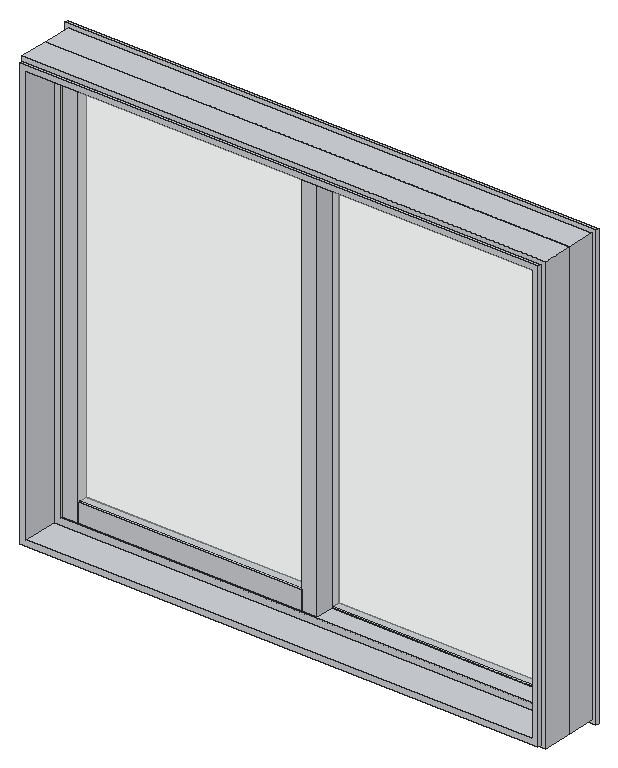
Revit family "APL Residential Thermal Heart Sliding Window SF", category Windows, host Wall, Revit 2017 (continued)
Definition of nested family "APL Residential Thermal Heart Sliding Window SF Vertical Section"
  Definition of nested family "Two Panel Sill"
    Definition of nested family "65596_Track"
      Lines and regions (mm)
        detail lines, in view "Ref. Level"
          curve 1: arc (-1.2, 1.8, 0) -> (-1.059, 1.859, 0) -> (-1, 2, 0) r 0.2
          curve 2: arc (-1, 22.438, 0) -> (-1.623, 23.888, 0) -> (-3.105, 24.435, 0) r 2
          curve 3: arc (-17.186, 23.697, 0) -> (-17.523, 23.542, 0) -> (-17.66, 23.198, 0) r 0.5
          curve 4: arc (-17.66, 18.846, 0) -> (-18.14, 16.435, 0) -> (-19.505, 14.392, 0) r 6.3
          curve 5: arc (-21.85, 12.046, 0) -> (-22.77, 12.046, 0) -> (-22.77, 12.966, 0) r 0.65
          curve 6: arc (-20.424, 15.311, 0) -> (-19.341, 16.933, 0) -> (-18.96, 18.846, 0) r 5
          curve 7: arc (-18.96, 24.932, 0) -> (-18.823, 25.276, 0) -> (-18.486, 25.431, 0) r 0.5
          curve 8: arc (-2.589, 26.264, 0) -> (-2.456, 26.325, 0) -> (-2.399, 26.459, 0) r 0.2
          curve 9: arc (-2.399, 26.459, 0) -> (0, 28.8, 0) -> (2.399, 26.459, 0) r 2.4
          curve 10: arc (2.399, 26.459, 0) -> (2.456, 26.325, 0) -> (2.589, 26.264, 0) r 0.2
          curve 11: arc (6.566, 26.056, 0) -> (6.903, 25.901, 0) -> (7.04, 25.557, 0) r 0.5
          curve 12: arc (7.04, 18.846, 0) -> (7.421, 16.933, 0) -> (8.504, 15.311, 0) r 5
          curve 13: arc (10.85, 12.966, 0) -> (10.85, 12.046, 0) -> (9.93, 12.046, 0) r 0.65
          curve 14: arc (7.585, 14.392, 0) -> (6.22, 16.435, 0) -> (5.74, 18.846, 0) r 6.3
          curve 15: arc (5.74, 23.822, 0) -> (5.603, 24.166, 0) -> (5.266, 24.322, 0) r 0.5
          curve 16: arc (3.105, 24.435, 0) -> (1.623, 23.888, 0) -> (1, 22.438, 0) r 2
          curve 17: arc (1, 2, 0) -> (1.059, 1.859, 0) -> (1.2, 1.8, 0) r 0.2
          curve 18: arc (10.59, 0, 0) -> (10.449, 0.059, 0) -> (10.39, 0.2, 0) r 0.2
          curve 19: arc (10.39, 1.6, 0) -> (10.331, 1.741, 0) -> (10.19, 1.8, 0) r 0.2
          curve 20: arc (-8.81, 1.8, 0) -> (-8.951, 1.741, 0) -> (-9.01, 1.6, 0) r 0.2
          curve 21: arc (-9.01, -1.3, 0) -> (-8.951, -1.441, 0) -> (-8.81, -1.5, 0) r 0.2
          curve 22: arc (-7.41, -1.5, 0) -> (-7.269, -1.441, 0) -> (-7.21, -1.3, 0) r 0.2
          curve 23: arc (-7.21, -0.2, 0) -> (-7.151, -0.059, 0) -> (-7.01, 0, 0) r 0.2
          curve 24: arc (8.715, 0, 0) -> (9.001, -0.089, 0) -> (9.185, -0.325, 0) r 0.5
          curve 25: arc (9.185, -0.325, 0) -> (9.735, -1.032, 0) -> (10.59, -1.3, 0) r 1.5
          curve 26: arc (11.89, -1.3, 0) -> (12.597, -1.007, 0) -> (12.89, -0.3, 0) r 1
          curve 27: arc (12.89, -0.2, 0) -> (12.831, -0.059, 0) -> (12.69, 0, 0) r 0.2
          curve 28: line (1, 6.8, 0) -> (-1, 6.8, 0)
          curve 29: line (-1, 2, 0) -> (-1, 22.438, 0)
          curve 30: line (-3.105, 24.435, 0) -> (-17.186, 23.697, 0)
          curve 31: line (-17.66, 23.198, 0) -> (-17.66, 18.846, 0)
          curve 32: line (-19.505, 14.392, 0) -> (-21.85, 12.046, 0)
          curve 33: line (-22.77, 12.966, 0) -> (-20.424, 15.311, 0)
          curve 34: line (-18.96, 18.846, 0) -> (-18.96, 24.932, 0)
          curve 35: line (-18.486, 25.431, 0) -> (-2.589, 26.264, 0)
          curve 36: line (2.589, 26.264, 0) -> (6.566, 26.056, 0)
          curve 37: line (7.04, 25.557, 0) -> (7.04, 18.846, 0)
          curve 38: line (8.504, 15.311, 0) -> (10.85, 12.966, 0)
          curve 39: line (9.93, 12.046, 0) -> (7.585, 14.392, 0)
          curve 40: line (5.74, 18.846, 0) -> (5.74, 23.822, 0)
          curve 41: line (5.266, 24.322, 0) -> (3.105, 24.435, 0)
          curve 42: line (1, 22.438, 0) -> (1, 2, 0)
          curve 43: line (10.39, 0.2, 0) -> (10.39, 1.6, 0)
          curve 44: line (10.19, 1.8, 0) -> (-8.81, 1.8, 0)
          curve 45: line (-9.01, 1.6, 0) -> (-9.01, -1.3, 0)
          curve 46: line (-8.81, -1.5, 0) -> (-7.41, -1.5, 0)
          curve 47: line (-7.21, -1.3, 0) -> (-7.21, -0.2, 0)
          curve 48: line (-7.01, 0, 0) -> (8.715, 0, 0)
          curve 49: line (10.59, -1.3, 0) -> (11.89, -1.3, 0)
          curve 50: line (12.69, 0, 0) -> (10.59, 0, 0)
      Text (mm)
        text "65596" at (20.379, 15.04, 0), in view "Ref. Level"
    Definition of nested family "65380_Frame Sill"
      Reference planes
        plane 1 "Center (Front/Back)": y = 0
        plane 2: z = 0
        plane 3 "Center (Left/Right)": x = 0
      Lines and regions (mm)
        detail lines, in view "Ref. Level"
          curve 1: line (64.2, 16.468, 0) -> (65.701, 16.468, 0)
          curve 2: line (64.2, 22.468, 0) -> (65.7, 22.468, 0)
          curve 3: line (27.5, 8.7, 0) -> (29.442, 8.7, 0)
          curve 4: line (27.5, 14.7, 0) -> (29.4, 14.7, 0)
          curve 5: line (13.3, 8.6, 0) -> (15.2, 8.6, 0)
          curve 6: line (13.3, 14.6, 0) -> (15.2, 14.6, 0)
          curve 7: arc (10.8, 6.498, 0) -> (11.356, 7.843, 0) -> (12.7, 8.4, 0) r 1.9
          curve 8: arc (13.1, 8.4, 0) -> (13.241, 8.459, 0) -> (13.3, 8.6, 0) r 0.2
          curve 9: arc (13.3, 15.4, 0) -> (13.241, 15.542, 0) -> (13.1, 15.6, 0) r 0.2
          curve 10: arc (11, 15.6, 0) -> (10.859, 15.659, 0) -> (10.8, 15.8, 0) r 0.2
          curve 11: arc (10.8, 16.283, 0) -> (10.741, 16.425, 0) -> (10.6, 16.483, 0) r 0.2
          curve 12: arc (1.9, 16.483, 0) -> (1.546, 16.337, 0) -> (1.4, 15.983, 0) r 0.5
          curve 13: arc (1.4, 2.245, 0) -> (1.521, 1.632, 0) -> (1.869, 1.111, 0) r 1.6
          curve 14: arc (6.387, -3.407, 0) -> (6.711, -3.624, 0) -> (7.094, -3.7, 0) r 1
          curve 15: arc (9.8, -3.7, 0) -> (10.507, -3.407, 0) -> (10.8, -2.7, 0) r 1
          curve 16: arc (1.665, 23.622, 0) -> (1.729, 23.522, 0) -> (1.725, 23.403, 0) r 0.2
          curve 17: arc (1.725, 23.403, 0) -> (1.621, 23.234, 0) -> (1.453, 23.127, 0) r 0.45
          curve 18: arc (1.453, 23.127, 0) -> (1.357, 23.053, 0) -> (1.322, 22.936, 0) r 0.2
          curve 19: arc (1.379, 18.081, 0) -> (1.438, 17.941, 0) -> (1.579, 17.883, 0) r 0.2
          curve 20: arc (10.6, 17.883, 0) -> (10.741, 17.942, 0) -> (10.8, 18.083, 0) r 0.2
          curve 21: arc (10.8, 22.172, 0) -> (10.773, 22.272, 0) -> (10.7, 22.346, 0) r 0.2
          curve 22: arc (9.6, 22.981, 0) -> (9.38, 23.2, 0) -> (9.3, 23.5, 0) r 0.6
          curve 23: arc (9.3, 23.8, 0) -> (9.359, 23.942, 0) -> (9.5, 24, 0) r 0.2
          curve 24: arc (13.617, 24, 0) -> (13.922, 23.801, 0) -> (14.195, 24.043, 0) r 0.3
          curve 25: arc (14.195, 24.043, 0) -> (14.261, 24.181, 0) -> (14.387, 24.269, 0) r 0.3
          curve 26: arc (15.797, 24.782, 0) -> (16.083, 24.738, 0) -> (16.199, 24.474, 0) r 0.3
          curve 27: arc (15.992, 22.109, 0) -> (15.965, 22.008, 0) -> (15.905, 21.923, 0) r 0.3
          curve 28: arc (15.541, 21.559, 0) -> (15.348, 21.507, 0) -> (15.207, 21.648, 0) r 0.2
          curve 29: arc (15.162, 21.816, 0) -> (15.11, 21.905, 0) -> (15.021, 21.957, 0) r 0.2
          curve 30: arc (12.8, 22.5, 0) -> (12.52, 22.307, 0) -> (12.6, 21.977, 0) r 0.3
          curve 31: arc (12.6, 21.977, 0) -> (12.674, 21.875, 0) -> (12.7, 21.753, 0) r 0.3
          curve 32: arc (12.506, 17.75, 0) -> (12.542, 17.578, 0) -> (12.7, 17.5, 0) r 0.2
          curve 33: arc (13.221, 17.5, 0) -> (13.302, 17.511, 0) -> (13.377, 17.544, 0) r 0.3
          curve 34: arc (14.631, 18.309, 0) -> (14.628, 18.479, 0) -> (14.734, 18.611, 0) r 0.25
          curve 35: arc (14.82, 18.664, 0) -> (15.072, 18.668, 0) -> (15.2, 18.45, 0) r 0.25
          curve 36: arc (15.2, 8.6, 0) -> (15.259, 8.459, 0) -> (15.4, 8.4, 0) r 0.2
          curve 37: arc (16.479, 8.4, 0) -> (16.643, 8.315, 0) -> (16.667, 8.132, 0) r 0.2
          curve 38: arc (15.775, 5.682, 0) -> (15.702, 5.586, 0) -> (15.587, 5.55, 0) r 0.2
          curve 39: arc (15.353, 5.55, 0) -> (15.248, 5.52, 0) -> (15.174, 5.439, 0) r 0.2
          curve 40: arc (15.174, 5.439, 0) -> (15.019, 5.31, 0) -> (14.82, 5.337, 0) r 0.25
          curve 41: arc (14.734, 5.389, 0) -> (14.628, 5.521, 0) -> (14.631, 5.691, 0) r 0.25
          curve 42: arc (13.377, 6.456, 0) -> (13.302, 6.489, 0) -> (13.221, 6.5, 0) r 0.3
          curve 43: arc (12.7, 6.5, 0) -> (12.542, 6.423, 0) -> (12.506, 6.25, 0) r 0.2
          curve 44: arc (12.7, 2.247, 0) -> (12.674, 2.125, 0) -> (12.6, 2.024, 0) r 0.3
          curve 45: arc (12.6, 2.024, 0) -> (12.52, 1.693, 0) -> (12.8, 1.5, 0) r 0.3
          curve 46: arc (15.021, 2.043, 0) -> (15.11, 2.095, 0) -> (15.162, 2.185, 0) r 0.2
          curve 47: arc (15.207, 2.352, 0) -> (15.348, 2.493, 0) -> (15.541, 2.442, 0) r 0.2
          curve 48: arc (15.905, 2.078, 0) -> (15.965, 1.993, 0) -> (15.992, 1.892, 0) r 0.3
          curve 49: arc (16.199, -0.474, 0) -> (16.083, -0.738, 0) -> (15.797, -0.782, 0) r 0.3
          curve 50: arc (14.387, -0.268, 0) -> (14.261, -0.181, 0) -> (14.195, -0.043, 0) r 0.3
          curve 51: arc (14.195, -0.043, 0) -> (13.922, 0.199, 0) -> (13.617, 0, 0) r 0.3
          curve 52: arc (12.6, 0, 0) -> (12.459, -0.058, 0) -> (12.4, -0.2, 0) r 0.2
          curve 53: arc (12.4, -2.696, 0) -> (11.64, -4.537, 0) -> (9.8, -5.3, 0) r 2.6
          curve 54: arc (7.9, -5.3, 0) -> (7.547, -5.446, 0) -> (7.4, -5.8, 0) r 0.5
          curve 55: arc (7.4, -13.402, 0) -> (7.508, -13.581, 0) -> (7.716, -13.566, 0) r 0.2
          curve 56: arc (7.716, -13.566, 0) -> (8.721, -13.692, 0) -> (8.684, -14.705, 0) r 0.75
          curve 57: arc (8.684, -14.705, 0) -> (8.15, -16.005, 0) -> (8.684, -17.305, 0) r 1.85
          curve 58: arc (8.684, -17.305, 0) -> (8.794, -17.447, 0) -> (8.867, -17.611, 0) r 0.75
          curve 59: arc (8.867, -17.611, 0) -> (8.97, -17.795, 0) -> (9.14, -17.921, 0) r 0.5
          curve 60: arc (9.14, -17.921, 0) -> (10, -18.105, 0) -> (10.86, -17.921, 0) r 2.1
          curve 61: arc (10.86, -17.921, 0) -> (11.03, -17.795, 0) -> (11.133, -17.611, 0) r 0.5
          curve 62: arc (11.133, -17.611, 0) -> (11.206, -17.447, 0) -> (11.316, -17.305, 0) r 0.75
          curve 63: arc (11.316, -17.305, 0) -> (11.85, -16.005, 0) -> (11.316, -14.705, 0) r 1.85
          curve 64: arc (11.316, -14.705, 0) -> (11.323, -13.644, 0) -> (12.384, -13.651, 0) r 0.75
          curve 65: arc (12.384, -13.651, 0) -> (13.348, -15.881, 0) -> (12.551, -18.176, 0) r 3.35
          curve 66: arc (12.551, -18.176, 0) -> (12.478, -18.71, 0) -> (12.932, -19, 0) r 0.5
          curve 67: arc (13.15, -19, 0) -> (13.291, -19.058, 0) -> (13.35, -19.2, 0) r 0.2
          curve 68: arc (13.35, -19.5, 0) -> (13.204, -19.853, 0) -> (12.85, -20, 0) r 0.5
          curve 69: arc (7, -20, 0) -> (6.293, -19.707, 0) -> (6, -19, 0) r 1
          curve 70: arc (6, -6.242, 0) -> (5.772, -5.094, 0) -> (5.121, -4.121, 0) r 3
          curve 71: arc (0.879, 0.122, 0) -> (0.228, 1.095, 0) -> (0, 2.243, 0) r 3
          curve 72: arc (0, 23.8, 0) -> (0.059, 23.942, 0) -> (0.2, 24, 0) r 0.2
          curve 73: line (10.8, -2.7, 0) -> (10.8, 6.498, 0)
          curve 74: line (12.7, 8.4, 0) -> (13.1, 8.4, 0)
          curve 75: line (13.1, 15.6, 0) -> (11, 15.6, 0)
          curve 76: line (10.8, 15.8, 0) -> (10.8, 16.283, 0)
          curve 77: line (10.6, 16.483, 0) -> (1.9, 16.483, 0)
          curve 78: line (1.4, 15.983, 0) -> (1.4, 2.245, 0)
          curve 79: line (1.869, 1.111, 0) -> (6.387, -3.407, 0)
          curve 80: line (7.094, -3.7, 0) -> (9.8, -3.7, 0)
          curve 81: line (1.322, 22.936, 0) -> (1.379, 18.081, 0)
          curve 82: line (1.579, 17.883, 0) -> (10.6, 17.883, 0)
          curve 83: line (10.8, 18.083, 0) -> (10.8, 22.172, 0)
          curve 84: line (10.7, 22.346, 0) -> (9.6, 22.981, 0)
          curve 85: line (9.3, 23.5, 0) -> (9.3, 23.8, 0)
          curve 86: line (9.5, 24, 0) -> (13.617, 24, 0)
          curve 87: line (14.387, 24.269, 0) -> (15.797, 24.782, 0)
          curve 88: line (16.199, 24.474, 0) -> (15.992, 22.109, 0)
          curve 89: line (15.905, 21.923, 0) -> (15.541, 21.559, 0)
          curve 90: line (15.207, 21.648, 0) -> (15.162, 21.816, 0)
          curve 91: line (15.021, 21.957, 0) -> (13.032, 22.49, 0)
          curve 92: line (12.7, 21.753, 0) -> (12.7, 18.526, 0)
          curve 93: line (12.7, 18.5, 0) -> (12.506, 17.75, 0)
          curve 94: line (12.7, 17.5, 0) -> (13.221, 17.5, 0)
          curve 95: line (13.377, 17.544, 0) -> (14.631, 18.309, 0)
          curve 96: line (15.2, 18.45, 0) -> (15.2, 16.875, 0)
          curve 97: line (15.2, 16.875, 0) -> (15.2, 8.6, 0)
          curve 98: line (15.2, 8.6, 0) -> (13.3, 8.6, 0)
          curve 99: line (13.3, 8.6, 0) -> (13.3, 15.4, 0)
          curve 100: line (15.4, 8.4, 0) -> (16.479, 8.4, 0)
          curve 101: line (16.667, 8.132, 0) -> (15.775, 5.682, 0)
          curve 102: line (15.587, 5.55, 0) -> (15.353, 5.55, 0)
          curve 103: line (14.631, 5.691, 0) -> (13.377, 6.456, 0)
          curve 104: line (13.221, 6.5, 0) -> (12.7, 6.5, 0)
          curve 105: line (12.506, 6.25, 0) -> (12.7, 5.5, 0)
          curve 106: line (12.7, 5.475, 0) -> (12.7, 2.247, 0)
          curve 107: line (13.032, 1.51, 0) -> (15.021, 2.043, 0)
          curve 108: line (15.162, 2.185, 0) -> (15.207, 2.352, 0)
          curve 109: line (15.541, 2.442, 0) -> (15.905, 2.078, 0)
          curve 110: line (15.992, 1.892, 0) -> (16.199, -0.474, 0)
          curve 111: line (15.797, -0.782, 0) -> (14.387, -0.268, 0)
          curve 112: line (13.617, 0, 0) -> (12.6, 0, 0)
          curve 113: line (12.4, -0.2, 0) -> (12.4, -2.696, 0)
          curve 114: line (9.8, -5.3, 0) -> (7.9, -5.3, 0)
          curve 115: line (7.4, -5.8, 0) -> (7.4, -13.402, 0)
          curve 116: line (12.932, -19, 0) -> (13.15, -19, 0)
          curve 117: line (13.35, -19.2, 0) -> (13.35, -19.5, 0)
          curve 118: line (12.85, -20, 0) -> (7, -20, 0)
          curve 119: line (6, -19, 0) -> (6, -6.242, 0)
          curve 120: line (5.121, -4.121, 0) -> (0.879, 0.122, 0)
          curve 121: line (0, 2.243, 0) -> (0, 23.8, 0)
          curve 122: line (0.2, 24, 0) -> (1.141, 24, 0)
          curve 123: line (1.269, 23.953, 0) -> (1.665, 23.622, 0)
          curve 124: line (13.3, 14.6, 0) -> (15.2, 14.6, 0)
          curve 125: arc (64.2, 16.468, 0) -> (64.076, 16.138, 0) -> (63.765, 15.972, 0) r 0.5
          curve 126: arc (63.765, 15.972, 0) -> (62.349, 15.442, 0) -> (61.309, 14.343, 0) r 3.35
          curve 127: arc (61.309, 14.343, 0) -> (61.577, 13.317, 0) -> (62.604, 13.585, 0) r 0.75
          curve 128: arc (62.604, 13.585, 0) -> (63.721, 14.437, 0) -> (65.115, 14.258, 0) r 1.85
          curve 129: arc (65.115, 14.258, 0) -> (65.281, 14.189, 0) -> (65.459, 14.161, 0) r 0.75
          curve 130: arc (65.459, 14.161, 0) -> (65.663, 14.108, 0) -> (65.828, 13.977, 0) r 0.5
          curve 131: arc (65.828, 13.977, 0) -> (66.3, 12.65, 0) -> (65.828, 11.324, 0) r 2.1
          curve 132: arc (65.828, 11.324, 0) -> (65.663, 11.192, 0) -> (65.459, 11.14, 0) r 0.5
          curve 133: arc (65.459, 11.14, 0) -> (65.281, 11.112, 0) -> (65.115, 11.042, 0) r 0.75
          curve 134: arc (65.115, 11.042, 0) -> (64.2, 10.8, 0) -> (63.285, 11.042, 0) r 1.85
          curve 135: arc (63.285, 11.042, 0) -> (62.738, 11.119, 0) -> (62.286, 10.8, 0) r 0.75
          curve 136: arc (39.189, 9.622, 0) -> (38.199, 9.316, 0) -> (37.363, 8.704, 0) r 3.126
          curve 137: arc (37.363, 8.704, 0) -> (37.013, 8.479, 0) -> (36.605, 8.4, 0) r 1.1
          curve 138: arc (29.901, 8.4, 0) -> (29.547, 8.546, 0) -> (29.4, 8.9, 0) r 0.5
          curve 139: arc (29.4, 22, 0) -> (29.546, 22.354, 0) -> (29.9, 22.5, 0) r 0.5
          curve 140: arc (44.4, 22.5, 0) -> (45.602, 22.998, 0) -> (46.1, 24.2, 0) r 1.7
          curve 141: arc (46.147, 35.534, 0) -> (46.409, 35.986, 0) -> (46.5, 36.5, 0) r 1.5
          curve 142: arc (46.5, 41.1, 0) -> (46.646, 41.454, 0) -> (47, 41.6, 0) r 0.5
          curve 143: arc (65.699, 41.6, 0) -> (66.053, 41.454, 0) -> (66.2, 41.1, 0) r 0.5
          curve 144: arc (66.2, 32, 0) -> (65.978, 30.526, 0) -> (65.33, 29.183, 0) r 5
          curve 145: arc (65.33, 29.183, 0) -> (64.489, 27.436, 0) -> (64.2, 25.519, 0) r 6.5
          curve 146: arc (27.317, 8.501, 0) -> (27.447, 8.565, 0) -> (27.5, 8.7, 0) r 0.2
          curve 147: arc (23.754, 8.189, 0) -> (23.602, 8.097, 0) -> (23.583, 7.922, 0) r 0.2
          curve 148: arc (24.399, 5.679, 0) -> (24.668, 5.392, 0) -> (25.06, 5.388, 0) r 0.5
          curve 149: arc (25.06, 5.388, 0) -> (25.211, 5.303, 0) -> (25.38, 5.337, 0) r 0.25
          curve 150: arc (25.466, 5.389, 0) -> (25.572, 5.521, 0) -> (25.569, 5.691, 0) r 0.25
          curve 151: arc (26.823, 6.456, 0) -> (26.898, 6.489, 0) -> (26.979, 6.5, 0) r 0.3
          curve 152: arc (27.5, 6.5, 0) -> (27.658, 6.423, 0) -> (27.694, 6.25, 0) r 0.2
          curve 153: arc (27.5, 2.247, 0) -> (27.526, 2.125, 0) -> (27.6, 2.024, 0) r 0.3
          curve 154: arc (27.6, 2.024, 0) -> (27.68, 1.693, 0) -> (27.4, 1.5, 0) r 0.3
          curve 155: arc (25.179, 2.043, 0) -> (25.09, 2.095, 0) -> (25.038, 2.185, 0) r 0.2
          curve 156: arc (24.993, 2.352, 0) -> (24.852, 2.493, 0) -> (24.659, 2.442, 0) r 0.2
          curve 157: arc (24.295, 2.078, 0) -> (24.235, 1.993, 0) -> (24.208, 1.892, 0) r 0.3
          curve 158: arc (24.001, -0.474, 0) -> (24.117, -0.738, 0) -> (24.403, -0.782, 0) r 0.3
          curve 159: arc (25.813, -0.268, 0) -> (25.939, -0.181, 0) -> (26.005, -0.043, 0) r 0.3
          curve 160: arc (26.005, -0.043, 0) -> (26.278, 0.199, 0) -> (26.583, 0, 0) r 0.3
          curve 161: arc (28.9, 0, 0) -> (29.254, 0.147, 0) -> (29.4, 0.5, 0) r 0.5
          curve 162: arc (29.4, 6.1, 0) -> (29.546, 6.454, 0) -> (29.9, 6.6, 0) r 0.499
          curve 163: arc (37.767, 6.6, 0) -> (38.931, 6.835, 0) -> (39.913, 7.503, 0) r 2.996
          curve 164: arc (39.913, 7.503, 0) -> (40.232, 7.731, 0) -> (40.611, 7.831, 0) r 1.1
          curve 165: arc (68.1, 8.9, 0) -> (68.241, 8.842, 0) -> (68.3, 8.7, 0) r 0.2
          curve 166: arc (68.3, 0.5, 0) -> (68.446, 0.147, 0) -> (68.8, 0, 0) r 0.5
          curve 167: arc (71.117, 0, 0) -> (71.422, 0.199, 0) -> (71.695, -0.043, 0) r 0.3
          curve 168: arc (71.695, -0.043, 0) -> (71.761, -0.181, 0) -> (71.887, -0.268, 0) r 0.3
          curve 169: arc (73.297, -0.782, 0) -> (73.583, -0.738, 0) -> (73.699, -0.474, 0) r 0.3
          curve 170: arc (73.492, 1.892, 0) -> (73.465, 1.993, 0) -> (73.405, 2.078, 0) r 0.3
          curve 171: arc (73.041, 2.442, 0) -> (72.848, 2.493, 0) -> (72.707, 2.352, 0) r 0.2
          curve 172: arc (72.662, 2.185, 0) -> (72.61, 2.095, 0) -> (72.521, 2.043, 0) r 0.2
          curve 173: arc (70.3, 1.5, 0) -> (70.02, 1.693, 0) -> (70.1, 2.024, 0) r 0.3
          curve 174: arc (70.1, 2.024, 0) -> (70.174, 2.125, 0) -> (70.2, 2.247, 0) r 0.3
          curve 175: arc (70.006, 6.25, 0) -> (70.042, 6.423, 0) -> (70.2, 6.5, 0) r 0.2
          curve 176: arc (70.721, 6.5, 0) -> (70.802, 6.489, 0) -> (70.877, 6.456, 0) r 0.3
          curve 177: arc (72.131, 5.691, 0) -> (72.128, 5.521, 0) -> (72.234, 5.389, 0) r 0.25
          curve 178: arc (72.32, 5.337, 0) -> (72.572, 5.332, 0) -> (72.7, 5.55, 0) r 0.25
          curve 179: arc (72.7, 7.124, 0) -> (72.618, 7.522, 0) -> (72.385, 7.854, 0) r 1
          curve 180: arc (72.385, 7.854, 0) -> (72.322, 8, 0) -> (72.385, 8.146, 0) r 0.2
          curve 181: arc (72.385, 8.146, 0) -> (72.618, 8.478, 0) -> (72.7, 8.875, 0) r 1
          curve 182: arc (72.7, 10.449, 0) -> (72.573, 10.668, 0) -> (72.32, 10.664, 0) r 0.25
          curve 183: arc (72.234, 10.612, 0) -> (72.128, 10.479, 0) -> (72.131, 10.309, 0) r 0.25
          curve 184: arc (70.877, 9.544, 0) -> (70.802, 9.511, 0) -> (70.721, 9.5, 0) r 0.3
          curve 185: arc (70.2, 9.5, 0) -> (70.042, 9.578, 0) -> (70.006, 9.75, 0) r 0.2
          curve 186: arc (70.2, 13.754, 0) -> (70.174, 13.876, 0) -> (70.1, 13.977, 0) r 0.3
          curve 187: arc (70.1, 13.977, 0) -> (70.02, 14.307, 0) -> (70.3, 14.5, 0) r 0.3
          curve 188: arc (72.521, 13.957, 0) -> (72.61, 13.905, 0) -> (72.662, 13.816, 0) r 0.2
          curve 189: arc (72.707, 13.648, 0) -> (72.848, 13.507, 0) -> (73.041, 13.559, 0) r 0.2
          curve 190: arc (73.405, 13.923, 0) -> (73.465, 14.008, 0) -> (73.492, 14.109, 0) r 0.3
          curve 191: arc (73.699, 16.474, 0) -> (73.583, 16.738, 0) -> (73.297, 16.782, 0) r 0.3
          curve 192: arc (71.887, 16.269, 0) -> (71.761, 16.181, 0) -> (71.695, 16.043, 0) r 0.3
          curve 193: arc (71.695, 16.043, 0) -> (71.422, 15.801, 0) -> (71.117, 16, 0) r 0.3
          curve 194: arc (66.201, 16, 0) -> (65.847, 16.146, 0) -> (65.7, 16.5, 0) r 0.5
          curve 195: arc (65.7, 25.519, 0) -> (65.922, 26.994, 0) -> (66.57, 28.337, 0) r 5
          curve 196: arc (66.57, 28.337, 0) -> (67.411, 30.083, 0) -> (67.7, 32, 0) r 6.5
          curve 197: arc (67.7, 33.1, 0) -> (67.759, 33.242, 0) -> (67.9, 33.3, 0) r 0.2
          curve 198: arc (69.3, 33.3, 0) -> (69.441, 33.242, 0) -> (69.5, 33.1, 0) r 0.2
          curve 199: arc (69.5, 32.8, 0) -> (70, 32.299, 0) -> (70.5, 32.8, 0) r 0.5
          curve 200: arc (70.5, 35.351, 0) -> (69.999, 35.85, 0) -> (69.5, 35.35, 0) r 0.5
          curve 201: arc (69.5, 34.5, 0) -> (69.441, 34.359, 0) -> (69.3, 34.3, 0) r 0.2
          curve 202: arc (67.9, 34.3, 0) -> (67.759, 34.359, 0) -> (67.7, 34.5, 0) r 0.2
          curve 203: arc (67.7, 41.8, 0) -> (67.759, 41.942, 0) -> (67.9, 42, 0) r 0.2
          curve 204: arc (69.3, 42, 0) -> (69.441, 41.942, 0) -> (69.5, 41.8, 0) r 0.2
          curve 205: arc (69.5, 40.95, 0) -> (70, 40.449, 0) -> (70.5, 40.95, 0) r 0.5
          curve 206: arc (70.5, 42.499, 0) -> (70.354, 42.853, 0) -> (70, 43, 0) r 0.5
          curve 207: arc (42.7, 43, 0) -> (42.559, 42.942, 0) -> (42.5, 42.8, 0) r 0.2
          curve 208: arc (42.5, 41.25, 0) -> (43, 40.75, 0) -> (43.5, 41.25, 0) r 0.5
          curve 209: arc (43.5, 41.8, 0) -> (43.559, 41.942, 0) -> (43.7, 42, 0) r 0.2
          curve 210: arc (44.8, 42, 0) -> (44.941, 41.942, 0) -> (45, 41.8, 0) r 0.2
          curve 211: arc (45, 36.7, 0) -> (44.941, 36.559, 0) -> (44.8, 36.5, 0) r 0.2
          curve 212: arc (43.7, 36.5, 0) -> (43.559, 36.559, 0) -> (43.5, 36.7, 0) r 0.2
          curve 213: arc (43.5, 37.25, 0) -> (43, 37.749, 0) -> (42.5, 37.25, 0) r 0.5
          curve 214: arc (42.5, 36.5, 0) -> (42.793, 35.793, 0) -> (43.5, 35.5, 0) r 1
          curve 215: arc (44.395, 35.5, 0) -> (44.539, 35.443, 0) -> (44.6, 35.3, 0) r 0.202
          curve 216: arc (44.6, 24.2, 0) -> (44.538, 24.058, 0) -> (44.395, 24, 0) r 0.205
          curve 217: arc (26.583, 24, 0) -> (26.278, 23.801, 0) -> (26.005, 24.043, 0) r 0.3
          curve 218: arc (26.005, 24.043, 0) -> (25.939, 24.181, 0) -> (25.813, 24.269, 0) r 0.3
          curve 219: arc (24.403, 24.782, 0) -> (24.117, 24.738, 0) -> (24.001, 24.474, 0) r 0.3
          curve 220: arc (24.208, 22.109, 0) -> (24.235, 22.008, 0) -> (24.295, 21.923, 0) r 0.3
          curve 221: arc (24.659, 21.559, 0) -> (24.852, 21.507, 0) -> (24.993, 21.648, 0) r 0.2
          curve 222: arc (25.038, 21.816, 0) -> (25.09, 21.905, 0) -> (25.179, 21.957, 0) r 0.2
          curve 223: arc (27.4, 22.5, 0) -> (27.68, 22.307, 0) -> (27.6, 21.977, 0) r 0.3
          curve 224: arc (27.6, 21.977, 0) -> (27.526, 21.875, 0) -> (27.5, 21.753, 0) r 0.3
          curve 225: arc (27.694, 17.75, 0) -> (27.658, 17.578, 0) -> (27.5, 17.5, 0) r 0.2
          curve 226: arc (26.979, 17.5, 0) -> (26.898, 17.511, 0) -> (26.823, 17.544, 0) r 0.3
          curve 227: arc (25.569, 18.309, 0) -> (25.572, 18.479, 0) -> (25.466, 18.612, 0) r 0.25
          curve 228: arc (25.38, 18.664, 0) -> (25.128, 18.668, 0) -> (25, 18.45, 0) r 0.25
          curve 229: arc (25, 16.875, 0) -> (25.128, 16.385, 0) -> (25.479, 16.021, 0) r 1
          curve 230: line (64.2, 22.468, 0) -> (65.7, 22.468, 0)
          curve 231: line (62.286, 10.8, 0) -> (53.629, 10.8, 0)
          curve 232: line (53.629, 10.8, 0) -> (39.189, 9.622, 0)
          curve 233: line (36.605, 8.4, 0) -> (29.901, 8.4, 0)
          curve 234: line (29.4, 8.9, 0) -> (29.4, 22, 0)
          curve 235: line (29.9, 22.5, 0) -> (44.4, 22.5, 0)
          curve 236: line (46.1, 24.2, 0) -> (46.1, 35.405, 0)
          curve 237: line (46.5, 36.5, 0) -> (46.5, 41.1, 0)
          curve 238: line (47, 41.6, 0) -> (65.699, 41.6, 0)
          curve 239: line (66.2, 41.1, 0) -> (66.2, 32, 0)
          curve 240: line (64.2, 25.519, 0) -> (64.2, 16.468, 0)
          curve 241: line (64.2, 16.468, 0) -> (65.701, 16.468, 0)
          curve 242: line (27.5, 14.7, 0) -> (29.4, 14.7, 0)
          curve 243: line (27.317, 8.501, 0) -> (23.754, 8.189, 0)
          curve 244: line (23.583, 7.922, 0) -> (24.399, 5.679, 0)
          curve 245: line (25.569, 5.691, 0) -> (26.823, 6.456, 0)
          curve 246: line (26.979, 6.5, 0) -> (27.5, 6.5, 0)
          curve 247: line (27.694, 6.25, 0) -> (27.5, 5.5, 0)
          curve 248: line (27.5, 5.475, 0) -> (27.5, 2.247, 0)
          curve 249: line (27.168, 1.51, 0) -> (25.179, 2.043, 0)
          curve 250: line (25.038, 2.185, 0) -> (24.993, 2.352, 0)
          curve 251: line (24.659, 2.442, 0) -> (24.295, 2.078, 0)
          curve 252: line (24.208, 1.892, 0) -> (24.001, -0.474, 0)
          curve 253: line (24.403, -0.782, 0) -> (25.813, -0.268, 0)
          curve 254: line (26.583, 0, 0) -> (28.9, 0, 0)
          curve 255: line (29.4, 0.5, 0) -> (29.4, 6.1, 0)
          curve 256: line (29.9, 6.6, 0) -> (33.5, 6.6, 0)
          curve 257: line (33.5, 6.6, 0) -> (33.9, 7, 0)
          curve 258: line (33.9, 7, 0) -> (34.3, 6.6, 0)
          curve 259: line (34.3, 6.6, 0) -> (37.767, 6.6, 0)
          curve 260: line (40.611, 7.831, 0) -> (53.707, 8.9, 0)
          curve 261: line (53.707, 8.9, 0) -> (58.307, 8.9, 0)
          curve 262: line (58.307, 8.9, 0) -> (58.707, 9.3, 0)
          curve 263: line (58.707, 9.3, 0) -> (59.107, 8.9, 0)
          curve 264: line (59.107, 8.9, 0) -> (68.1, 8.9, 0)
          curve 265: line (68.3, 8.7, 0) -> (68.3, 0.5, 0)
          curve 266: line (68.8, 0, 0) -> (71.117, 0, 0)
          curve 267: line (71.887, -0.268, 0) -> (73.297, -0.782, 0)
          curve 268: line (73.699, -0.474, 0) -> (73.492, 1.892, 0)
          curve 269: line (73.405, 2.078, 0) -> (73.041, 2.442, 0)
          curve 270: line (72.707, 2.352, 0) -> (72.662, 2.185, 0)
          curve 271: line (72.521, 2.043, 0) -> (70.532, 1.51, 0)
          curve 272: line (70.2, 2.247, 0) -> (70.2, 5.475, 0)
          curve 273: line (70.2, 5.5, 0) -> (70.006, 6.25, 0)
          curve 274: line (70.2, 6.5, 0) -> (70.721, 6.5, 0)
          curve 275: line (70.877, 6.456, 0) -> (72.131, 5.691, 0)
          curve 276: line (72.7, 5.55, 0) -> (72.7, 7.124, 0)
          curve 277: line (72.7, 8.875, 0) -> (72.7, 10.449, 0)
          curve 278: line (72.131, 10.309, 0) -> (70.877, 9.544, 0)
          curve 279: line (70.721, 9.5, 0) -> (70.2, 9.5, 0)
          curve 280: line (70.006, 9.75, 0) -> (70.2, 10.5, 0)
          curve 281: line (70.2, 10.526, 0) -> (70.2, 13.753, 0)
          curve 282: line (70.532, 14.49, 0) -> (72.521, 13.957, 0)
          curve 283: line (72.662, 13.816, 0) -> (72.707, 13.648, 0)
          curve 284: line (73.041, 13.559, 0) -> (73.405, 13.923, 0)
          curve 285: line (73.492, 14.109, 0) -> (73.699, 16.474, 0)
          curve 286: line (73.297, 16.782, 0) -> (71.887, 16.269, 0)
          curve 287: line (71.117, 16, 0) -> (66.201, 16, 0)
          curve 288: line (65.7, 16.5, 0) -> (65.7, 25.519, 0)
          curve 289: line (67.7, 32, 0) -> (67.7, 33.1, 0)
          curve 290: line (67.9, 33.3, 0) -> (69.3, 33.3, 0)
          curve 291: line (69.5, 33.1, 0) -> (69.5, 32.8, 0)
          curve 292: line (70.5, 32.8, 0) -> (70.5, 35.351, 0)
          curve 293: line (69.5, 35.35, 0) -> (69.5, 34.5, 0)
          curve 294: line (69.3, 34.3, 0) -> (67.9, 34.3, 0)
          curve 295: line (67.7, 34.5, 0) -> (67.7, 41.8, 0)
          curve 296: line (67.9, 42, 0) -> (69.3, 42, 0)
          curve 297: line (69.5, 41.8, 0) -> (69.5, 40.95, 0)
          curve 298: line (70.5, 40.95, 0) -> (70.5, 42.499, 0)
          curve 299: line (70, 43, 0) -> (42.7, 43, 0)
          curve 300: line (42.5, 42.8, 0) -> (42.5, 41.25, 0)
          curve 301: line (43.5, 41.25, 0) -> (43.5, 41.8, 0)
          curve 302: line (43.7, 42, 0) -> (44.8, 42, 0)
          curve 303: line (45, 41.8, 0) -> (45, 36.7, 0)
          curve 304: line (44.8, 36.5, 0) -> (43.7, 36.5, 0)
          curve 305: line (43.5, 36.7, 0) -> (43.5, 37.25, 0)
          curve 306: line (42.5, 37.25, 0) -> (42.5, 36.5, 0)
          curve 307: line (43.5, 35.5, 0) -> (44.395, 35.5, 0)
          curve 308: line (44.6, 35.3, 0) -> (44.6, 24.2, 0)
          curve 309: line (44.395, 24, 0) -> (34.3, 24, 0)
          curve 310: line (34.3, 24, 0) -> (33.9, 23.6, 0)
          curve 311: line (33.9, 23.6, 0) -> (33.5, 24, 0)
          curve 312: line (33.5, 24, 0) -> (26.583, 24, 0)
          curve 313: line (25.813, 24.269, 0) -> (24.403, 24.782, 0)
          curve 314: line (24.001, 24.474, 0) -> (24.208, 22.109, 0)
          curve 315: line (24.295, 21.923, 0) -> (24.659, 21.559, 0)
          curve 316: line (24.993, 21.648, 0) -> (25.038, 21.816, 0)
          curve 317: line (25.179, 21.957, 0) -> (27.168, 22.49, 0)
          curve 318: line (27.5, 21.753, 0) -> (27.5, 18.526, 0)
          curve 319: line (27.5, 18.5, 0) -> (27.694, 17.75, 0)
          curve 320: line (27.5, 17.5, 0) -> (26.979, 17.5, 0)
          curve 321: line (26.823, 17.544, 0) -> (25.569, 18.309, 0)
          curve 322: line (25, 18.45, 0) -> (25, 16.875, 0)
          curve 323: line (25.479, 16.021, 0) -> (26.284, 15.53, 0)
          curve 324: line (26.389, 15.5, 0) -> (27.5, 15.5, 0)
          curve 325: line (27.5, 15.5, 0) -> (27.5, 8.7, 0)
          curve 326: line (27.5, 8.7, 0) -> (29.442, 8.7, 0)
          curve 327: arc (113.4, 35.877, 0) -> (113.327, 35.95, 0) -> (113.3, 36.05, 0) r 0.2
          curve 328: arc (113.3, 40.25, 0) -> (113.327, 40.35, 0) -> (113.4, 40.423, 0) r 0.2
          curve 329: arc (113.4, 40.423, 0) -> (113.473, 40.497, 0) -> (113.5, 40.597, 0) r 0.2
          curve 330: arc (113.5, 41.8, 0) -> (113.441, 41.942, 0) -> (113.3, 42, 0) r 0.2
          curve 331: arc (111.701, 42, 0) -> (111.559, 41.942, 0) -> (111.5, 41.8, 0) r 0.2
          curve 332: arc (111.5, 40.95, 0) -> (111, 40.451, 0) -> (110.5, 40.95, 0) r 0.5
          curve 333: arc (110.5, 42.5, 0) -> (110.646, 42.854, 0) -> (111, 43, 0) r 0.499
          curve 334: arc (114.5, 43, 0) -> (114.847, 42.848, 0) -> (115, 42.5, 0) r 0.523
          curve 335: arc (115, 21.5, 0) -> (114.856, 21.145, 0) -> (114.5, 21, 0) r 0.493
          curve 336: arc (111.7, 21, 0) -> (111.558, 20.942, 0) -> (111.5, 20.8, 0) r 0.199
          curve 337: arc (111.5, 13.2, 0) -> (110.852, 11.56, 0) -> (109.258, 10.805, 0) r 2.399
          curve 338: arc (109.258, 10.805, 0) -> (108.878, 10.589, 0) -> (108.814, 10.156, 0) r 0.5
          curve 339: arc (108.814, 10.156, 0) -> (109, 8.953, 0) -> (108.816, 7.75, 0) r 4
          curve 340: arc (108.816, 7.75, 0) -> (108.89, 7.304, 0) -> (109.293, 7.1, 0) r 0.5
          curve 341: arc (109.5, 7.1, 0) -> (110.914, 6.514, 0) -> (111.5, 5.1, 0) r 2.001
          curve 342: arc (120.75, 1.5, 0) -> (121.501, 0.747, 0) -> (120.745, 0, 0) r 0.75
          curve 343: arc (111.5, 0, 0) -> (110.439, 0.44, 0) -> (110, 1.5, 0) r 1.5
          curve 344: arc (110, 5, 0) -> (109.941, 5.142, 0) -> (109.8, 5.2, 0) r 0.2
          curve 345: arc (100.5, 5.2, 0) -> (100.146, 5.347, 0) -> (100, 5.7, 0) r 0.5
          curve 346: arc (100, 6.2, 0) -> (100.146, 6.554, 0) -> (100.5, 6.7, 0) r 0.5
          curve 347: arc (101.927, 6.7, 0) -> (102.266, 6.833, 0) -> (102.426, 7.16, 0) r 0.5
          curve 348: arc (102.426, 7.16, 0) -> (102.912, 7.803, 0) -> (103.7, 7.634, 0) r 0.75
          curve 349: arc (103.7, 7.634, 0) -> (105, 7.1, 0) -> (106.3, 7.634, 0) r 1.85
          curve 350: arc (106.3, 7.634, 0) -> (106.442, 7.744, 0) -> (106.607, 7.817, 0) r 0.75
          curve 351: arc (106.607, 7.817, 0) -> (106.791, 7.92, 0) -> (106.916, 8.09, 0) r 0.5
          curve 352: arc (106.916, 8.09, 0) -> (107.1, 8.95, 0) -> (106.916, 9.81, 0) r 2.1
          curve 353: arc (106.916, 9.81, 0) -> (106.791, 9.98, 0) -> (106.607, 10.083, 0) r 0.5
          curve 354: arc (106.607, 10.083, 0) -> (106.442, 10.156, 0) -> (106.3, 10.267, 0) r 0.75
          curve 355: arc (106.3, 10.267, 0) -> (105, 10.8, 0) -> (103.7, 10.267, 0) r 1.85
          curve 356: arc (103.7, 10.267, 0) -> (103.027, 10.065, 0) -> (102.482, 10.509, 0) r 0.75
          curve 357: arc (102.482, 10.509, 0) -> (102.32, 10.716, 0) -> (102.075, 10.812, 0) r 0.5
          curve 358: arc (102.075, 10.812, 0) -> (101.154, 11.141, 0) -> (100.481, 11.85, 0) r 2.1
          curve 359: arc (100.481, 11.85, 0) -> (100.298, 12.033, 0) -> (100.048, 12.1, 0) r 0.5
          curve 360: arc (91.556, 12.1, 0) -> (91.287, 12.022, 0) -> (91.103, 11.812, 0) r 0.5
          curve 361: arc (91.103, 11.812, 0) -> (90.328, 10.929, 0) -> (89.2, 10.6, 0) r 2.1
          curve 362: arc (87.9, 10.6, 0) -> (87.193, 10.307, 0) -> (86.9, 9.6, 0) r 1
          curve 363: arc (86.9, 0.5, 0) -> (86.754, 0.147, 0) -> (86.4, 0, 0) r 0.5
          curve 364: arc (84.083, 0, 0) -> (83.778, 0.199, 0) -> (83.505, -0.043, 0) r 0.3
          curve 365: arc (83.505, -0.043, 0) -> (83.439, -0.181, 0) -> (83.313, -0.268, 0) r 0.3
          curve 366: arc (81.903, -0.782, 0) -> (81.617, -0.738, 0) -> (81.501, -0.474, 0) r 0.3
          curve 367: arc (81.708, 1.892, 0) -> (81.735, 1.993, 0) -> (81.795, 2.078, 0) r 0.3
          curve 368: arc (82.159, 2.442, 0) -> (82.352, 2.493, 0) -> (82.493, 2.352, 0) r 0.2
          curve 369: arc (82.538, 2.185, 0) -> (82.59, 2.095, 0) -> (82.679, 2.043, 0) r 0.2
          curve 370: arc (84.9, 1.5, 0) -> (85.18, 1.693, 0) -> (85.1, 2.024, 0) r 0.3
          curve 371: arc (85.1, 2.024, 0) -> (85.026, 2.125, 0) -> (85, 2.247, 0) r 0.3
          curve 372: arc (85.194, 6.25, 0) -> (85.158, 6.423, 0) -> (85, 6.5, 0) r 0.2
          curve 373: arc (84.479, 6.5, 0) -> (84.398, 6.489, 0) -> (84.323, 6.456, 0) r 0.3
          curve 374: arc (83.069, 5.691, 0) -> (83.072, 5.521, 0) -> (82.966, 5.389, 0) r 0.25
          curve 375: arc (82.88, 5.337, 0) -> (82.628, 5.332, 0) -> (82.5, 5.55, 0) r 0.25
          curve 376: arc (82.5, 7.126, 0) -> (82.582, 7.523, 0) -> (82.815, 7.854, 0) r 1
          curve 377: arc (82.815, 7.854, 0) -> (82.878, 8, 0) -> (82.815, 8.146, 0) r 0.2
          curve 378: arc (82.815, 8.146, 0) -> (82.582, 8.478, 0) -> (82.5, 8.875, 0) r 1
          curve 379: arc (82.5, 10.45, 0) -> (82.628, 10.668, 0) -> (82.88, 10.664, 0) r 0.25
          curve 380: arc (82.966, 10.612, 0) -> (83.072, 10.479, 0) -> (83.069, 10.309, 0) r 0.25
          curve 381: arc (84.323, 9.544, 0) -> (84.398, 9.511, 0) -> (84.479, 9.5, 0) r 0.3
          curve 382: arc (85, 9.5, 0) -> (85.158, 9.578, 0) -> (85.194, 9.75, 0) r 0.2
          curve 383: arc (85, 13.753, 0) -> (85.026, 13.875, 0) -> (85.1, 13.977, 0) r 0.3
          curve 384: arc (85.1, 13.977, 0) -> (85.18, 14.307, 0) -> (84.9, 14.5, 0) r 0.3
          curve 385: arc (82.679, 13.957, 0) -> (82.59, 13.905, 0) -> (82.538, 13.816, 0) r 0.2
          curve 386: arc (82.493, 13.648, 0) -> (82.352, 13.507, 0) -> (82.159, 13.559, 0) r 0.2
          curve 387: arc (81.795, 13.923, 0) -> (81.735, 14.008, 0) -> (81.708, 14.109, 0) r 0.3
          curve 388: arc (81.501, 16.474, 0) -> (81.617, 16.738, 0) -> (81.903, 16.782, 0) r 0.3
          curve 389: arc (83.313, 16.269, 0) -> (83.439, 16.181, 0) -> (83.505, 16.043, 0) r 0.3
          curve 390: arc (83.505, 16.043, 0) -> (83.778, 15.801, 0) -> (84.083, 16, 0) r 0.3
          curve 391: arc (86.7, 16, 0) -> (86.841, 15.942, 0) -> (86.9, 15.8, 0) r 0.2
          curve 392: arc (86.9, 12.7, 0) -> (86.959, 12.559, 0) -> (87.1, 12.5, 0) r 0.2
          curve 393: arc (89.2, 12.5, 0) -> (89.341, 12.559, 0) -> (89.4, 12.7, 0) r 0.2
          curve 394: arc (89.4, 13.8, 0) -> (89.459, 13.942, 0) -> (89.6, 14, 0) r 0.2
          curve 395: arc (101.9, 14, 0) -> (102.042, 13.942, 0) -> (102.1, 13.8, 0) r 0.2
          curve 396: arc (102.1, 12.9, 0) -> (102.159, 12.759, 0) -> (102.3, 12.7, 0) r 0.2
          curve 397: arc (109.1, 12.7, 0) -> (109.454, 12.847, 0) -> (109.6, 13.2, 0) r 0.5
          curve 398: arc (109.6, 14.5, 0) -> (109.541, 14.642, 0) -> (109.4, 14.7, 0) r 0.2
          curve 399: arc (107.3, 14.7, 0) -> (107.159, 14.759, 0) -> (107.1, 14.9, 0) r 0.2
          curve 400: arc (107.1, 15.8, 0) -> (107.159, 15.942, 0) -> (107.3, 16, 0) r 0.2
          curve 401: arc (109.5, 16, 0) -> (109.854, 16.147, 0) -> (110, 16.5, 0) r 0.5
          curve 402: arc (110, 22.8, 0) -> (110.146, 23.154, 0) -> (110.5, 23.3, 0) r 0.5
          curve 403: arc (111.3, 23.3, 0) -> (111.441, 23.242, 0) -> (111.5, 23.1, 0) r 0.2
          curve 404: arc (113.3, 22.3, 0) -> (113.441, 22.359, 0) -> (113.5, 22.5, 0) r 0.2
          curve 405: arc (113.5, 27.4, 0) -> (113.1, 27.8, 0) -> (113.5, 28.2, 0) r 0.4
          curve 406: arc (113.5, 33.1, 0) -> (113.441, 33.242, 0) -> (113.3, 33.3, 0) r 0.2
          curve 407: arc (111.5, 32.7, 0) -> (111.383, 32.418, 0) -> (111.1, 32.3, 0) r 0.4
          curve 408: arc (111, 32.3, 0) -> (110.646, 32.447, 0) -> (110.5, 32.8, 0) r 0.5
          curve 409: arc (110.5, 35.35, 0) -> (111, 35.85, 0) -> (111.5, 35.35, 0) r 0.5
          curve 410: arc (111.5, 34.5, 0) -> (111.559, 34.359, 0) -> (111.7, 34.3, 0) r 0.2
          curve 411: arc (113.3, 34.3, 0) -> (113.441, 34.359, 0) -> (113.5, 34.5, 0) r 0.2
          curve 412: line (113.3, 36.05, 0) -> (113.3, 40.25, 0)
          curve 413: line (113.5, 40.597, 0) -> (113.5, 41.8, 0)
          curve 414: line (113.3, 42, 0) -> (111.701, 42, 0)
          curve 415: line (111.5, 41.8, 0) -> (111.5, 40.95, 0)
          curve 416: line (110.5, 40.95, 0) -> (110.5, 42.5, 0)
          curve 417: line (111, 43, 0) -> (114.5, 43, 0)
          curve 418: line (115, 42.5, 0) -> (115, 21.5, 0)
          curve 419: line (114.5, 21, 0) -> (111.7, 21, 0)
          curve 420: line (111.5, 20.8, 0) -> (111.5, 13.2, 0)
          curve 421: line (109.293, 7.1, 0) -> (109.5, 7.1, 0)
          curve 422: line (111.5, 5.1, 0) -> (111.5, 1.5, 0)
          curve 423: line (111.5, 1.5, 0) -> (120.75, 1.5, 0)
          curve 424: line (120.745, 0, 0) -> (119, 0, 0)
          curve 425: line (119, 0, 0) -> (118.6, 0.4, 0)
          curve 426: line (118.6, 0.4, 0) -> (112.3, 0.4, 0)
          curve 427: line (112.3, 0.4, 0) -> (111.9, 0, 0)
          curve 428: line (111.9, 0, 0) -> (111.5, 0, 0)
          curve 429: line (110, 1.5, 0) -> (110, 5, 0)
          curve 430: line (109.8, 5.2, 0) -> (100.5, 5.2, 0)
          curve 431: line (100, 5.7, 0) -> (100, 6.2, 0)
          curve 432: line (100.5, 6.7, 0) -> (101.927, 6.7, 0)
          curve 433: line (100.048, 12.1, 0) -> (91.556, 12.1, 0)
          curve 434: line (89.2, 10.6, 0) -> (87.9, 10.6, 0)
          curve 435: line (86.9, 9.6, 0) -> (86.9, 0.5, 0)
          curve 436: line (86.4, 0, 0) -> (84.083, 0, 0)
          curve 437: line (83.313, -0.268, 0) -> (81.903, -0.782, 0)
          curve 438: line (81.501, -0.474, 0) -> (81.708, 1.892, 0)
          curve 439: line (81.795, 2.078, 0) -> (82.159, 2.442, 0)
          curve 440: line (82.493, 2.352, 0) -> (82.538, 2.185, 0)
          curve 441: line (82.679, 2.043, 0) -> (84.668, 1.51, 0)
          curve 442: line (85, 2.247, 0) -> (85, 5.475, 0)
          curve 443: line (85, 5.5, 0) -> (85.194, 6.25, 0)
          curve 444: line (85, 6.5, 0) -> (84.479, 6.5, 0)
          curve 445: line (84.323, 6.456, 0) -> (83.069, 5.691, 0)
          curve 446: line (82.5, 5.55, 0) -> (82.5, 7.126, 0)
          curve 447: line (82.5, 8.875, 0) -> (82.5, 10.45, 0)
          curve 448: line (83.069, 10.309, 0) -> (84.323, 9.544, 0)
          curve 449: line (84.479, 9.5, 0) -> (85, 9.5, 0)
          curve 450: line (85.194, 9.75, 0) -> (85, 10.5, 0)
          curve 451: line (85, 10.526, 0) -> (85, 13.753, 0)
          curve 452: line (84.668, 14.49, 0) -> (82.679, 13.957, 0)
          curve 453: line (82.538, 13.816, 0) -> (82.493, 13.648, 0)
          curve 454: line (82.159, 13.559, 0) -> (81.795, 13.923, 0)
          curve 455: line (81.708, 14.109, 0) -> (81.501, 16.474, 0)
          curve 456: line (81.903, 16.782, 0) -> (83.313, 16.269, 0)
          curve 457: line (84.083, 16, 0) -> (86.7, 16, 0)
          curve 458: line (86.9, 15.8, 0) -> (86.9, 12.7, 0)
          curve 459: line (87.1, 12.5, 0) -> (89.2, 12.5, 0)
          curve 460: line (89.4, 12.7, 0) -> (89.4, 13.8, 0)
          curve 461: line (89.6, 14, 0) -> (95.4, 14, 0)
          curve 462: line (95.4, 14, 0) -> (95.8, 13.6, 0)
          curve 463: line (95.8, 13.6, 0) -> (96.2, 14, 0)
          curve 464: line (96.2, 14, 0) -> (101.9, 14, 0)
          curve 465: line (102.1, 13.8, 0) -> (102.1, 12.9, 0)
          curve 466: line (102.3, 12.7, 0) -> (109.1, 12.7, 0)
          curve 467: line (109.6, 13.2, 0) -> (109.6, 14.5, 0)
          curve 468: line (109.4, 14.7, 0) -> (107.3, 14.7, 0)
          curve 469: line (107.1, 14.9, 0) -> (107.1, 15.8, 0)
          curve 470: line (107.3, 16, 0) -> (109.5, 16, 0)
          curve 471: line (110, 16.5, 0) -> (110, 22.8, 0)
          curve 472: line (110.5, 23.3, 0) -> (111.3, 23.3, 0)
          curve 473: line (111.5, 23.1, 0) -> (111.5, 22.3, 0)
          curve 474: line (111.5, 22.3, 0) -> (113.3, 22.3, 0)
          curve 475: line (113.5, 22.5, 0) -> (113.5, 27.4, 0)
          curve 476: line (113.5, 28.2, 0) -> (113.5, 33.1, 0)
          curve 477: line (113.3, 33.3, 0) -> (111.5, 33.3, 0)
          curve 478: line (111.5, 33.3, 0) -> (111.5, 32.7, 0)
          curve 479: line (110.5, 32.8, 0) -> (110.5, 35.35, 0)
          curve 480: line (111.5, 35.35, 0) -> (111.5, 34.5, 0)
          curve 481: line (111.7, 34.3, 0) -> (113.3, 34.3, 0)
          curve 482: line (113.5, 34.5, 0) -> (113.5, 35.704, 0)
          curve 483: arc (113.5, 35.704, 0) -> (113.473, 35.804, 0) -> (113.4, 35.877, 0) r 0.2
          curve 484: arc (12.7, 2.2, 0) -> (12.817, 1.917, 0) -> (13.1, 1.8, 0) r 0.4
          curve 485: arc (13.393, 1.8, 0) -> (13.496, 1.814, 0) -> (13.593, 1.854, 0) r 0.4
          curve 486: arc (15.121, 2.739, 0) -> (15.411, 2.859, 0) -> (15.722, 2.9, 0) r 1.2
          curve 487: arc (16.645, 2.9, 0) -> (17.218, 3.081, 0) -> (17.584, 3.558, 0) r 1
          curve 488: arc (18.377, 5.737, 0) -> (18.524, 5.928, 0) -> (18.753, 6, 0) r 0.4
          curve 489: arc (21.447, 6, 0) -> (21.676, 5.928, 0) -> (21.823, 5.737, 0) r 0.4
          curve 490: arc (22.616, 3.558, 0) -> (22.982, 3.081, 0) -> (23.555, 2.9, 0) r 1
          curve 491: arc (24.478, 2.9, 0) -> (24.789, 2.859, 0) -> (25.079, 2.739, 0) r 1.2
          curve 492: arc (26.607, 1.854, 0) -> (26.704, 1.814, 0) -> (26.807, 1.8, 0) r 0.4
          curve 493: arc (27.1, 1.8, 0) -> (27.383, 1.917, 0) -> (27.5, 2.2, 0) r 0.4
          curve 494: arc (27.5, 5.6, 0) -> (27.383, 5.883, 0) -> (27.1, 6, 0) r 0.4
          curve 495: arc (26.807, 6, 0) -> (26.704, 5.987, 0) -> (26.607, 5.946, 0) r 0.4
          curve 496: arc (25.079, 5.062, 0) -> (24.785, 4.94, 0) -> (24.47, 4.9, 0) r 1.2
          curve 497: arc (24.47, 4.9, 0) -> (24.295, 4.953, 0) -> (24.184, 5.098, 0) r 0.3
          curve 498: arc (23.296, 7.537, 0) -> (23.149, 7.728, 0) -> (22.92, 7.8, 0) r 0.4
          curve 499: arc (17.28, 7.8, 0) -> (17.051, 7.728, 0) -> (16.904, 7.537, 0) r 0.4
          curve 500: arc (16.016, 5.098, 0) -> (15.905, 4.953, 0) -> (15.73, 4.9, 0) r 0.3
          curve 501: arc (15.73, 4.9, 0) -> (15.415, 4.94, 0) -> (15.121, 5.062, 0) r 1.2
          curve 502: arc (13.593, 5.946, 0) -> (13.496, 5.987, 0) -> (13.393, 6, 0) r 0.4
          curve 503: arc (13.1, 6, 0) -> (12.817, 5.883, 0) -> (12.7, 5.6, 0) r 0.4
          curve 504: line (13.1, 1.8, 0) -> (13.393, 1.8, 0)
          curve 505: line (13.593, 1.854, 0) -> (15.121, 2.739, 0)
          curve 506: line (15.722, 2.9, 0) -> (16.645, 2.9, 0)
          curve 507: line (17.584, 3.558, 0) -> (18.377, 5.737, 0)
          curve 508: line (18.753, 6, 0) -> (21.447, 6, 0)
          curve 509: line (21.823, 5.737, 0) -> (22.616, 3.558, 0)
          curve 510: line (23.555, 2.9, 0) -> (24.478, 2.9, 0)
          curve 511: line (25.079, 2.739, 0) -> (26.607, 1.854, 0)
          curve 512: line (26.807, 1.8, 0) -> (27.1, 1.8, 0)
          curve 513: line (27.5, 2.2, 0) -> (27.5, 5.6, 0)
          curve 514: line (27.1, 6, 0) -> (26.807, 6, 0)
          curve 515: line (26.607, 5.946, 0) -> (25.079, 5.062, 0)
          curve 516: line (24.184, 5.098, 0) -> (23.296, 7.537, 0)
          curve 517: line (22.92, 7.8, 0) -> (17.28, 7.8, 0)
          curve 518: line (16.904, 7.537, 0) -> (16.016, 5.098, 0)
          curve 519: line (15.121, 5.062, 0) -> (13.593, 5.946, 0)
          curve 520: line (13.393, 6, 0) -> (13.1, 6, 0)
          curve 521: line (12.7, 5.6, 0) -> (12.7, 2.2, 0)
          curve 522: arc (12.7, 18.4, 0) -> (12.817, 18.117, 0) -> (13.1, 18, 0) r 0.4
          curve 523: arc (13.393, 18, 0) -> (13.496, 18.014, 0) -> (13.593, 18.054, 0) r 0.4
          curve 524: arc (15.121, 18.939, 0) -> (15.411, 19.059, 0) -> (15.722, 19.1, 0) r 1.2
          curve 525: arc (16.645, 19.1, 0) -> (17.218, 19.281, 0) -> (17.584, 19.758, 0) r 1
          curve 526: arc (18.377, 21.937, 0) -> (18.524, 22.128, 0) -> (18.753, 22.2, 0) r 0.4
          curve 527: arc (21.447, 22.2, 0) -> (21.676, 22.128, 0) -> (21.823, 21.937, 0) r 0.4
          curve 528: arc (22.616, 19.758, 0) -> (22.982, 19.281, 0) -> (23.555, 19.1, 0) r 1
          curve 529: arc (24.478, 19.1, 0) -> (24.789, 19.059, 0) -> (25.079, 18.939, 0) r 1.2
          curve 530: arc (26.607, 18.054, 0) -> (26.704, 18.014, 0) -> (26.807, 18, 0) r 0.4
          curve 531: arc (27.1, 18, 0) -> (27.383, 18.117, 0) -> (27.5, 18.4, 0) r 0.4
          curve 532: arc (27.5, 21.8, 0) -> (27.383, 22.083, 0) -> (27.1, 22.2, 0) r 0.4
          curve 533: arc (26.807, 22.2, 0) -> (26.704, 22.187, 0) -> (26.607, 22.146, 0) r 0.4
          curve 534: arc (25.079, 21.262, 0) -> (24.785, 21.14, 0) -> (24.47, 21.1, 0) r 1.2
          curve 535: arc (24.47, 21.1, 0) -> (24.295, 21.153, 0) -> (24.184, 21.298, 0) r 0.3
          curve 536: arc (23.296, 23.737, 0) -> (23.149, 23.928, 0) -> (22.92, 24, 0) r 0.4
          curve 537: arc (17.28, 24, 0) -> (17.051, 23.928, 0) -> (16.904, 23.737, 0) r 0.4
          curve 538: arc (16.016, 21.298, 0) -> (15.905, 21.153, 0) -> (15.73, 21.1, 0) r 0.3
          curve 539: arc (15.73, 21.1, 0) -> (15.415, 21.14, 0) -> (15.121, 21.262, 0) r 1.2
          curve 540: arc (13.593, 22.146, 0) -> (13.496, 22.187, 0) -> (13.393, 22.2, 0) r 0.4
          curve 541: arc (13.1, 22.2, 0) -> (12.817, 22.083, 0) -> (12.7, 21.8, 0) r 0.4
          curve 542: line (13.1, 18, 0) -> (13.393, 18, 0)
          curve 543: line (13.593, 18.054, 0) -> (15.121, 18.939, 0)
          curve 544: line (15.722, 19.1, 0) -> (16.645, 19.1, 0)
          curve 545: line (17.584, 19.758, 0) -> (18.377, 21.937, 0)
          curve 546: line (18.753, 22.2, 0) -> (21.447, 22.2, 0)
          curve 547: line (21.823, 21.937, 0) -> (22.616, 19.758, 0)
          curve 548: line (23.555, 19.1, 0) -> (24.478, 19.1, 0)
          curve 549: line (25.079, 18.939, 0) -> (26.607, 18.054, 0)
          curve 550: line (26.807, 18, 0) -> (27.1, 18, 0)
          curve 551: line (27.5, 18.4, 0) -> (27.5, 21.8, 0)
          curve 552: line (27.1, 22.2, 0) -> (26.807, 22.2, 0)
          curve 553: line (26.607, 22.146, 0) -> (25.079, 21.262, 0)
          curve 554: line (24.184, 21.298, 0) -> (23.296, 23.737, 0)
          curve 555: line (22.92, 24, 0) -> (17.28, 24, 0)
          curve 556: line (16.904, 23.737, 0) -> (16.016, 21.298, 0)
          curve 557: line (15.121, 21.262, 0) -> (13.593, 22.146, 0)
          curve 558: line (13.393, 22.2, 0) -> (13.1, 22.2, 0)
          curve 559: line (12.7, 21.8, 0) -> (12.7, 18.4, 0)
          curve 560: arc (70.2, 10.4, 0) -> (70.317, 10.117, 0) -> (70.6, 10, 0) r 0.4
          curve 561: arc (70.893, 10, 0) -> (70.996, 10.014, 0) -> (71.093, 10.054, 0) r 0.4
          curve 562: arc (72.621, 10.939, 0) -> (72.911, 11.059, 0) -> (73.222, 11.1, 0) r 1.2
          curve 563: arc (74.145, 11.1, 0) -> (74.718, 11.281, 0) -> (75.084, 11.758, 0) r 1
          curve 564: arc (75.877, 13.937, 0) -> (76.024, 14.128, 0) -> (76.253, 14.2, 0) r 0.4
          curve 565: arc (78.947, 14.2, 0) -> (79.176, 14.128, 0) -> (79.323, 13.937, 0) r 0.4
          curve 566: arc (80.116, 11.758, 0) -> (80.482, 11.281, 0) -> (81.055, 11.1, 0) r 1
          curve 567: arc (81.978, 11.1, 0) -> (82.289, 11.059, 0) -> (82.579, 10.939, 0) r 1.2
          curve 568: arc (84.107, 10.054, 0) -> (84.204, 10.014, 0) -> (84.307, 10, 0) r 0.4
          curve 569: arc (84.6, 10, 0) -> (84.883, 10.117, 0) -> (85, 10.4, 0) r 0.4
          curve 570: arc (85, 13.8, 0) -> (84.883, 14.083, 0) -> (84.6, 14.2, 0) r 0.4
          curve 571: arc (84.307, 14.2, 0) -> (84.204, 14.187, 0) -> (84.107, 14.146, 0) r 0.4
          curve 572: arc (82.579, 13.262, 0) -> (82.285, 13.14, 0) -> (81.97, 13.1, 0) r 1.2
          curve 573: arc (81.97, 13.1, 0) -> (81.795, 13.153, 0) -> (81.684, 13.298, 0) r 0.3
          curve 574: arc (80.796, 15.737, 0) -> (80.649, 15.928, 0) -> (80.42, 16, 0) r 0.4
          curve 575: arc (74.78, 16, 0) -> (74.551, 15.928, 0) -> (74.404, 15.737, 0) r 0.4
          curve 576: arc (73.516, 13.298, 0) -> (73.405, 13.153, 0) -> (73.23, 13.1, 0) r 0.3
          curve 577: arc (73.23, 13.1, 0) -> (72.915, 13.14, 0) -> (72.621, 13.262, 0) r 1.2
          curve 578: arc (71.093, 14.146, 0) -> (70.996, 14.187, 0) -> (70.893, 14.2, 0) r 0.4
          curve 579: arc (70.6, 14.2, 0) -> (70.317, 14.083, 0) -> (70.2, 13.8, 0) r 0.4
          curve 580: line (70.6, 10, 0) -> (70.893, 10, 0)
          curve 581: line (71.093, 10.054, 0) -> (72.621, 10.939, 0)
          curve 582: line (73.222, 11.1, 0) -> (74.145, 11.1, 0)
          curve 583: line (75.084, 11.758, 0) -> (75.877, 13.937, 0)
          curve 584: line (76.253, 14.2, 0) -> (78.947, 14.2, 0)
          curve 585: line (79.323, 13.937, 0) -> (80.116, 11.758, 0)
          curve 586: line (81.055, 11.1, 0) -> (81.978, 11.1, 0)
          curve 587: line (82.579, 10.939, 0) -> (84.107, 10.054, 0)
          curve 588: line (84.307, 10, 0) -> (84.6, 10, 0)
          curve 589: line (85, 10.4, 0) -> (85, 13.8, 0)
          curve 590: line (84.6, 14.2, 0) -> (84.307, 14.2, 0)
          curve 591: line (84.107, 14.146, 0) -> (82.579, 13.262, 0)
          curve 592: line (81.684, 13.298, 0) -> (80.796, 15.737, 0)
          curve 593: line (80.42, 16, 0) -> (74.78, 16, 0)
          curve 594: line (74.404, 15.737, 0) -> (73.516, 13.298, 0)
          curve 595: line (72.621, 13.262, 0) -> (71.093, 14.146, 0)
          curve 596: line (70.893, 14.2, 0) -> (70.6, 14.2, 0)
          curve 597: line (70.2, 13.8, 0) -> (70.2, 10.4, 0)
          curve 598: arc (70.2, 5.6, 0) -> (70.317, 5.883, 0) -> (70.6, 6, 0) r 0.4
          curve 599: arc (70.893, 6, 0) -> (70.996, 5.987, 0) -> (71.093, 5.946, 0) r 0.4
          curve 600: arc (72.621, 5.062, 0) -> (72.911, 4.941, 0) -> (73.222, 4.9, 0) r 1.2
          curve 601: arc (74.145, 4.9, 0) -> (74.718, 4.719, 0) -> (75.084, 4.242, 0) r 1
          curve 602: arc (75.877, 2.063, 0) -> (76.024, 1.873, 0) -> (76.253, 1.8, 0) r 0.4
